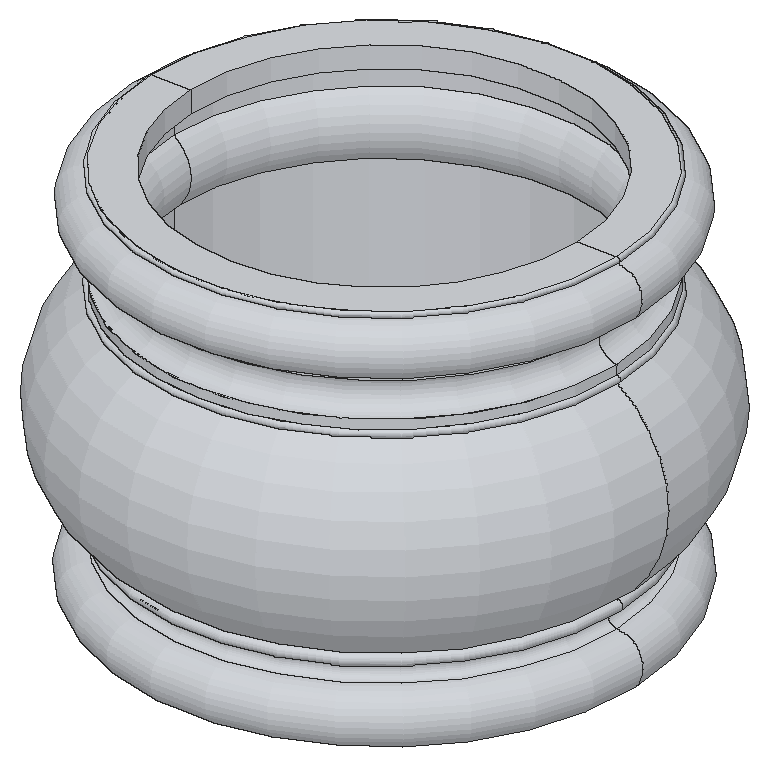
Revit family
Parameters (values of type "SBSP-049.1")
  Width = 2' - 10"
  URL = "www.strombergarchitectural.com"
  Top Material = GFRC
  Submittal Sheet = "www.strombergarchitectural.com/images/materials/gfrc/submittal/gfrc-submittal-sheet.pdf"
  Specifications = "www.strombergarchitectural.com/gfrcspecifications"
  Model Cut-sheet = "www.strombergarchitectural.com/products/bollards/design/SBSP-049"
  Model = "SBSP-049"
  Manufacturer = "Stromberg Architectural Products"
  Guidebook = "www.strombergarchitectural.com/images/materials/gfrc/handbooks/gfrc_guidebook.pdf   \r\n(http://www.strombergarchitectural.com/images/materials/gfrc/handbooks/gfrc_guidebook.pdf"
  Frame Material = none
  Description = "GFRC Bollard"
  Assembly Code = ""
  Height = 2' - 0"
  049.5 = no
  049.4 = no
  049.3 = no
  049.2 = no
  049.1 = yes
Types (6): name | Width | Guidebook | Height | 049.5 | 049.4 | 049.3 | 049.2 | 049.1
  (no name) | 2' - 10" | "www.strombergarchitectural.com/images/materials/gfrc/handbooks/gfrc_guidebook.pdf   \r\n(http://www.strombergarchitectural.com/images/materials/gfrc/handbooks/gfrc_guidebook.pdf" | 2' - 0" | no | no | no | no | yes
  SBSP-049.3 | 4' - 5" | "www.strombergarchitectural.com/images/materials/gfrc/handbooks/gfrc_guidebook.pdf" | 3' - 0" | no | no | yes | no | no
  SBSP-049.1 | 2' - 10" | "www.strombergarchitectural.com/images/materials/gfrc/handbooks/gfrc_guidebook.pdf   \r\n(http://www.strombergarchitectural.com/images/materials/gfrc/handbooks/gfrc_guidebook.pdf" | 2' - 0" | no | no | no | no | yes
  SBSP-049.2 | 3' - 7" | "www.strombergarchitectural.com/images/materials/gfrc/handbooks/gfrc_guidebook.pdf" | 2' - 6" | no | no | no | yes | no
  SBSP-049.4 | 5' - 1" | "www.strombergarchitectural.com/images/materials/gfrc/handbooks/gfrc_guidebook.pdf" | 3' - 6" | no | yes | no | no | no
  SBSP-049.5 | 5' - 10" | "www.strombergarchitectural.com/images/materials/gfrc/handbooks/gfrc_guidebook.pdf" | 4' - 0" | yes | no | no | no | no
Reference planes (in)
  plane 1 "Center (Front/Back)": y = 3.74847
  plane 2: z = 0
  plane 3 "Center (Left/Right)": x = 0.7278
  plane 4 "Front": y = -3.25153
  plane 5 "Back": y = 10.74847
  plane 6 "Left": x = -17.2722
  plane 7 "Right": x = 18.7278
Forms (in)
  Revolve 1, solid, visible <- "049.1"
    sketch origin (-97.79616, 3.74847, -46.54306) x (1, 0, 0) y (0, 0, 1)
      loop
        line (98.52396, 46.54306) -> (112.36226, 46.54306)
        arc (112.36226, 46.54306) -> (113.94252, 48.12332) -> (112.36226, 49.70359) r 1.58027
        arc (112.36226, 49.70359) -> (111.88169, 50.18416) -> (112.36226, 50.66473) r 0.48057
        arc (112.36226, 50.66473) -> (112.68144, 50.98392) -> (112.36226, 51.3031) r 0.31919
        arc (112.36226, 51.3031) -> (115.46941, 57.06752) -> (112.36226, 62.83193) r 6.90067
        arc (112.36226, 62.83193) -> (112.56188, 63.03155) -> (112.36226, 63.23116) r 0.19962
        line (112.36226, 63.23116) -> (112.36226, 63.7901)
        arc (112.36226, 63.7901) -> (111.32424, 64.82811) -> (112.36226, 65.86613) r 1.03802
        line (112.36226, 65.86613) -> (112.36226, 66.18552)
        arc (112.36226, 66.18552) -> (113.87936, 67.70262) -> (112.36226, 69.21972) r 1.5171
        arc (112.36226, 69.21972) -> (112.52195, 69.37942) -> (112.36226, 69.53911) r 0.15969
        line (112.36226, 69.53911) -> (110.04668, 69.53911) -> (110.04668, 68.26155) -> (111.0847, 68.26155) -> (111.0847, 66.75936)
        arc (111.0847, 66.75936) -> (110.04668, 64.82811) -> (111.0847, 62.89686) r 2.31557
        line (111.0847, 62.89686) -> (111.0847, 47.82061) -> (98.52396, 47.82061) -> (98.52396, 46.54306)
      axis (98.52396, 46.54306) -> (98.52396, 69.53911)
    angle from 0 to 360
  Revolve 2, solid, visible <- "049.2"
    sketch origin (-160.71602, 3.74847, -46.54306) x (1, 0, 0) y (0, 0, 1)
      loop
        line (161.44383, 46.54306) -> (178.96599, 46.54306)
        arc (178.96599, 46.54306) -> (180.96694, 48.544) -> (178.96599, 50.54495) r 2.00095
        arc (178.96599, 50.54495) -> (178.35749, 51.15345) -> (178.96599, 51.76195) r 0.6085
        arc (178.96599, 51.76195) -> (179.37014, 52.16611) -> (178.96599, 52.57027) r 0.40416
        arc (178.96599, 52.57027) -> (182.90029, 59.86921) -> (178.96599, 67.16815) r 8.73768
        arc (178.96599, 67.16815) -> (179.21875, 67.42091) -> (178.96599, 67.67367) r 0.25276
        line (178.96599, 67.67367) -> (178.96599, 68.3814)
        arc (178.96599, 68.3814) -> (177.65164, 69.69574) -> (178.96599, 71.01008) r 1.31434
        line (178.96599, 71.01008) -> (178.96599, 71.4145)
        arc (178.96599, 71.4145) -> (180.88695, 73.33546) -> (178.96599, 75.25643) r 1.92097
        arc (178.96599, 75.25643) -> (179.1682, 75.45863) -> (178.96599, 75.66084) r 0.20221
        line (178.96599, 75.66084) -> (176.03399, 75.66084) -> (176.03399, 74.04319) -> (177.34833, 74.04319) -> (177.34833, 72.14111)
        arc (177.34833, 72.14111) -> (176.03399, 69.69574) -> (177.34833, 67.25037) r 2.932
        line (177.34833, 67.25037) -> (177.34833, 48.16071) -> (161.44383, 48.16071) -> (161.44383, 46.54306)
      axis (161.44383, 46.54306) -> (161.44383, 75.66084)
    angle from 0 to 360
  Revolve 3, solid, visible <- "049.3"
    sketch origin (-233.55687, 3.74847, -46.54306) x (1, 0, 0) y (0, 0, 1)
      loop
        line (234.28467, 46.54306) -> (255.94833, 46.54306)
        arc (255.94833, 46.54306) -> (258.42222, 49.01694) -> (255.94833, 51.49083) r 2.47389
        arc (255.94833, 51.49083) -> (255.196, 52.24316) -> (255.94833, 52.99548) r 0.75233
        arc (255.94833, 52.99548) -> (256.44801, 53.49516) -> (255.94833, 53.99484) r 0.49968
        arc (255.94833, 53.99484) -> (260.81253, 63.01895) -> (255.94833, 72.04306) r 10.8029
        arc (255.94833, 72.04306) -> (256.26083, 72.35556) -> (255.94833, 72.66806) r 0.3125
        line (255.94833, 72.66806) -> (255.94833, 73.54306)
        arc (255.94833, 73.54306) -> (254.32333, 75.16806) -> (255.94833, 76.79306) r 1.625
        line (255.94833, 76.79306) -> (255.94833, 77.29306)
        arc (255.94833, 77.29306) -> (258.32333, 79.66806) -> (255.94833, 82.04306) r 2.375
        arc (255.94833, 82.04306) -> (256.19833, 82.29306) -> (255.94833, 82.54306) r 0.25
        line (255.94833, 82.54306) -> (252.32333, 82.54306) -> (252.32333, 80.54306) -> (253.94833, 80.54306) -> (253.94833, 78.1914)
        arc (253.94833, 78.1914) -> (252.32333, 75.16806) -> (253.94833, 72.14471) r 3.625
        line (253.94833, 72.14471) -> (253.94833, 48.54306) -> (234.28467, 48.54306) -> (234.28467, 46.54306)
      axis (234.28467, 46.54306) -> (234.28467, 82.54306)
    angle from 0 to 360
  Revolve 4, solid, visible <- "049.4"
    sketch origin (-317.63197, 3.74847, -46.54306) x (1, 0, 0) y (0, 0, 1)
      loop
        line (318.35977, 46.54306) -> (343.24993, 46.54306)
        arc (343.24993, 46.54306) -> (346.09227, 49.38539) -> (343.24993, 52.22773) r 2.84234
        arc (343.24993, 52.22773) -> (342.38555, 53.0921) -> (343.24993, 53.95648) r 0.86437
        arc (343.24993, 53.95648) -> (343.82403, 54.53058) -> (343.24993, 55.10468) r 0.5741
        arc (343.24993, 55.10468) -> (348.83858, 65.4728) -> (343.24993, 75.84091) r 12.41183
        arc (343.24993, 75.84091) -> (343.60897, 76.19996) -> (343.24993, 76.559) r 0.35904
        line (343.24993, 76.559) -> (343.24993, 77.56432)
        arc (343.24993, 77.56432) -> (341.38291, 79.43134) -> (343.24993, 81.29836) r 1.86702
        line (343.24993, 81.29836) -> (343.24993, 81.87283)
        arc (343.24993, 81.87283) -> (345.97865, 84.60155) -> (343.24993, 87.33027) r 2.72872
        arc (343.24993, 87.33027) -> (343.53716, 87.61751) -> (343.24993, 87.90474) r 0.28723
        line (343.24993, 87.90474) -> (339.08504, 87.90474) -> (339.08504, 85.60687) -> (340.95206, 85.60687) -> (340.95206, 82.90497)
        arc (340.95206, 82.90497) -> (339.08504, 79.43134) -> (340.95206, 75.95771) r 4.16489
        line (340.95206, 75.95771) -> (340.95206, 48.84093) -> (318.35977, 48.84093) -> (318.35977, 46.54306)
      axis (318.35977, 46.54306) -> (318.35977, 87.90474)
    angle from 0 to 360
  Revolve 5, solid, visible <- "049.5"
    sketch origin (-413.48661, 3.74847, -46.54306) x (1, 0, 0) y (0, 0, 1)
      loop
        line (414.21441, 46.54306) -> (442.78855, 46.54306)
        arc (442.78855, 46.54306) -> (446.05158, 49.80609) -> (442.78855, 53.06912) r 3.26303
        arc (442.78855, 53.06912) -> (441.79624, 54.06143) -> (442.78855, 55.05374) r 0.99231
        arc (442.78855, 55.05374) -> (443.44762, 55.71281) -> (442.78855, 56.37188) r 0.65907
        arc (442.78855, 56.37188) -> (449.20438, 68.27458) -> (442.78855, 80.17728) r 14.2489
        arc (442.78855, 80.17728) -> (443.20073, 80.58947) -> (442.78855, 81.00165) r 0.41218
        line (442.78855, 81.00165) -> (442.78855, 82.15577)
        arc (442.78855, 82.15577) -> (440.64519, 84.29912) -> (442.78855, 86.44248) r 2.14336
        line (442.78855, 86.44248) -> (442.78855, 87.10198)
        arc (442.78855, 87.10198) -> (445.92115, 90.23457) -> (442.78855, 93.36717) r 3.1326
        arc (442.78855, 93.36717) -> (443.11829, 93.69692) -> (442.78855, 94.02667) r 0.32975
        line (442.78855, 94.02667) -> (438.00721, 94.02667) -> (438.00721, 91.38869) -> (440.15057, 91.38869) -> (440.15057, 88.28688)
        arc (440.15057, 88.28688) -> (438.00721, 84.29912) -> (440.15057, 80.31136) r 4.78134
        line (440.15057, 80.31136) -> (440.14551, 49.18103) -> (414.21441, 49.18103) -> (414.21441, 46.54306)
      axis (414.21441, 46.54306) -> (414.21441, 94.02667)
    angle from 0 to 360
Dimensions and locks (in)
  aligned and locked: level to plane 2
